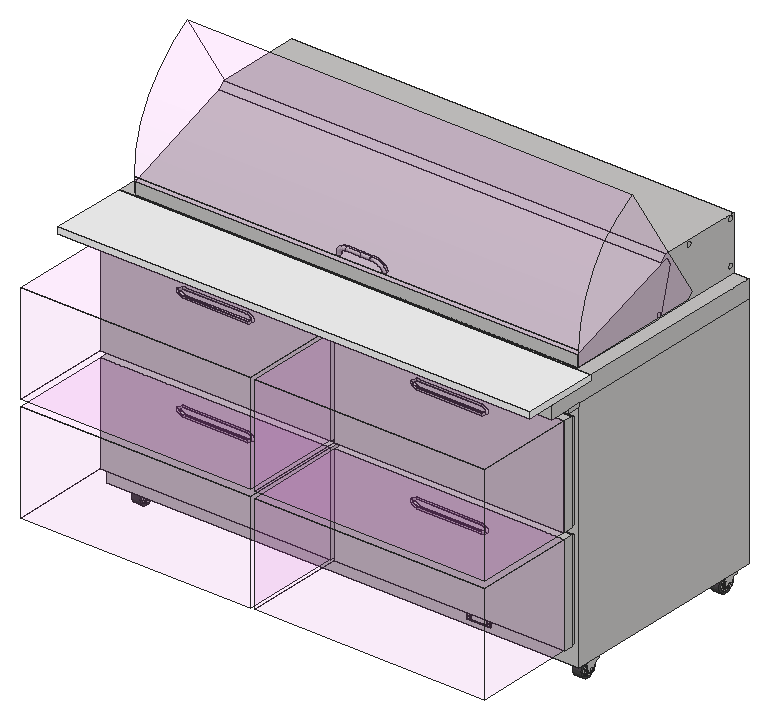
Revit family "QF_Kelvinator_738288_KCHMT60.24.4D", category Specialty Equipment, Revit 2021
Family settings
  Round Connector Dimension = Use Diameter
  Part Type = Normal
  Work Plane-Based = No
  Always vertical = Yes
  Cut with Voids When Loaded = No
  Shared = No
  Room Calculation Point = No
Parameters
  Weight in Pounds = 385.809
  Weight = 175.00 lbm
  Watts = 0 W
  Volts = 115 V
  URL Manufacturer = "KELVINATOR"
  URL Cutsheet = ""
  URL = "KELVINATOR"
  Specification by User = ""
  Specification by Manufacturer = ""
  Serial Number = ""
  Seismic Rating = ""
  SMACNA No = ""
  Revision Code = ""
  Refrigerant Type [instance] = "R290"
  Phase = 1
  Number of Poles = 1
  NAFEM Spec ID Number = ""
  Model = "KCHMT60.24.4D"
  Min Ckt Ampacity = 0 A
  Max Overcurrent Protection = 0 A
  Masterspec = ""
  Manufacturer = "Kelvinator"
  Length Actual = 1555"
  Length = 61 1/4"
  Item Number = "738288"
  Installed By = ""
  Identify Quantity as Lot = yes
  Height Actual = 1100"
  Height = 43 5/16"
  HP = "1 HP"
  Gas KW = 0
  Furnished By = ""
  Foodservice Equipment Identifier = yes
  FL Amps = 4.3 A
  Electrical Remarks = ""
  Electric Connection Type = ""
  Elec Conn RI Height = 0"
  Elec Conn Connection Height = 0"
  Description = "4-DRAWER MEGA TOP PREP TABLE 61\" LONG 24-1/6 PAN"
  Depth Actual = 900"
  Depth = 35 7/16"
  Default Elevation = 0"
  Cycle = 60 Hz
  Conn Plug = "5-15P"
  Conn Conduit = yes
  CSI MasterFormat = ""
  Apparent Power = 0 VA
  Accessory = no
Reference planes (in)
  plane 1 "BACK": y = 0
  plane 2: z = 0
  plane 3 "LEFT": x = 0
  plane 4 "RIGHT": x = 61.25
  plane 5 "FRONT": y = -35.4375
  plane 6 "TOP": z = 43.3125
  plane 7 "Center Y": x = 30.625
  plane 8 "Center X": y = -17.71875
Dimensions and locks (in)
  equal spacing: plane 3 "LEFT", plane 7 "Center Y", plane 4 "RIGHT"
  "Length": plane 3 "LEFT" to plane 4 "RIGHT"
  equal spacing: plane 5 "FRONT", plane 8 "Center X", plane 1 "BACK"
  "Depth": plane 5 "FRONT" to plane 1 "BACK"
  "Height": plane 6 "TOP" to level
  aligned and locked: level to plane 2
Nested families (in)
  nested 1: "KCHST" at (0, 0, 0), type "KCHST"
    with Show Clearance yes
Connectors (in)
  electrical at (30.625, -0.87772, 2.31881), driven by "Volts", driven by "Watts"
    settings: on nested 1, index 1, voltage 115 V, apparent load 0 VA, apparent load phase1 0 VA, apparent load phase2 0 VA, apparent load phase3 0 VA, power factor 1, load classification "Power", number of poles 1, system type 30, power factor state 1, is connector primary yes, connector utility no, sub classification motor no, connector description "Electrical Connection"
Definition of nested family "KCHST"
  Parameters (values of type "KCHST")
    Weight in Pounds = 0
    URL Cutsheet = ""
    Specification by User = ""
    Specification by Manufacturer = ""
    Show Clearance [instance] = yes
    Serial Number = ""
    Seismic Rating = ""
    SMACNA No = ""
    Revision Code = ""
    NAFEM Spec ID Number = ""
    Masterspec = ""
    Length = 61 1/4"
    Item Number = ""
    Installed By = ""
    Identify Quantity as Lot = yes
    Height = 43 5/16"
    Furnished By = ""
    Foodservice Equipment Identifier = yes
    Depth = 35 7/16"
    Default Elevation = 0"
    CSI MasterFormat = ""
  Reference planes (in)
    plane 1 "BACK": y = 0
    plane 2: z = 0
    plane 3 "LEFT": x = 0
    plane 4 "RIGHT": x = 61.25
    plane 5 "FRONT": y = -35.4375
    plane 6 "TOP": z = 43.3125
    plane 7 "Center Y": x = 30.625
    plane 8 "Center X": y = -17.71875
    plane 9: z = 3.1
    plane 10: z = 33.9
    plane 11: y = -25.5
    plane 12: z = 36.307
    plane 13: y = -56
    plane 14: y = -29.2
    plane 15: z = 32.4
    plane 16: z = 5.6
    plane 17: y = -27.5
    plane 18: x = 59.25
    plane 19: x = 2
    plane 20: x = 15.42351
    plane 21: x = 45.82976
    plane 22: x = 59.375
    plane 23: x = 1.875
    plane 24: x = 1.945
    plane 25: x = 59.305
    plane 26: x = 0.5
    plane 27: x = 60.75
    plane 28: y = -31.9
    plane 29: z = 19.4
    plane 30: z = 18.6
    plane 31: z = 19.6
    plane 32: z = 5.8
    plane 33: x = 59.47
    plane 34: x = 1.75
  Forms (in)
    Extrusion 1, solid
      sketch origin (0, 0, 0) x (0, 1, 0) y (0, 0, 1)
        loop
          line (-27.5, 33.9) -> (-27.5, 3.1) -> (0, 3.1) -> (0, 33.9) -> (-27.5, 33.9)
      from 0 to 61.25
    Extrusion 2, solid
      sketch origin (0, 0, 0) x (0, 1, 0) y (0, 0, 1)
        loop
          line (-25.5, 36.307) -> (-25.5, 35.557) -> (-31.9, 35.557) -> (-31.9, 33.9) -> (0, 33.9) -> (0, 36.307) -> (-25.5, 36.307)
      from 0 to 61.25
    Extrusion 3, solid
      sketch origin (0, 0, 0) x (0, 1, 0) y (0, 0, 1)
        loop
          line (-35.4375, 36.307) -> (-35.4375, 35.557) -> (-25.5, 35.557) -> (-25.5, 36.307) -> (-35.4375, 36.307)
      from 0 to 61.25
    Extrusion 4, solid
      sketch origin (0, 0, 0) x (0, 1, 0) y (0, 0, 1)
        loop
          line (-25.25, 36.307) -> (-12.4066, 36.3073)
          arc (-12.4066, 36.3073) -> (-12.06626, 36.40719) -> (-11.82232, 36.66468) r 0.68096
          line (-11.82232, 36.66468) -> (-10.42285, 41.90557) -> (-10.85536, 42.719) -> (-25.25, 37.807) -> (-25.25, 36.307)
      from 1.875 to 59.375
    Extrusion 5, solid
      sketch origin (0, 0, 0) x (0, 1, 0) y (0, 0, 1)
        loop
          line (-12.40659, 36.307) -> (0, 36.307) -> (0, 43.3125) -> (-11, 43.3125) -> (-11.58343, 42.47927) -> (-10.85536, 42.719) -> (-10.42285, 41.90557) -> (-11.82232, 36.66468)
          arc (-11.82232, 36.66468) -> (-12.06626, 36.40719) -> (-12.40659, 36.307) r 0.68096
      from 1.945 to 59.305
    Extrusion 6, solid
      sketch origin (59.375, 4.25225, 0) x (0, 1, 0) y (0, 0, 1)
        loop
          circle (-16.51178, 36.83247) r 0.25
      from 0 to 0.07437
    Extrusion 7, solid
      sketch origin (59.305, -0.03482, 0) x (0, 1, 0) y (0, 0, 1)
        loop
          circle (-0.51178, 37.33247) r 0.25
      from 0 to 0.07
    Extrusion 8, solid
      sketch origin (59.305, -0.03482, 0) x (0, 1, 0) y (0, 0, 1)
        loop
          circle (-0.51178, 42.85047) r 0.25
      from 0 to 0.07
    Extrusion 9, solid
      sketch origin (59.305, -0.03482, 0) x (0, 1, 0) y (0, 0, 1)
        loop
          circle (-7.26178, 42.85047) r 0.25
      from 0 to 0.07
    Extrusion 10, solid
      sketch origin (1.945, 0, 0) x (0, -1, 0) y (0, 0, 1)
        loop
          circle (0.5466, 37.33247) r 0.25
      from 0 to 0.07
    Extrusion 11, solid
      sketch origin (1.945, 0, 0) x (0, -1, 0) y (0, 0, 1)
        loop
          circle (0.5466, 42.85047) r 0.25
      from 0 to 0.07
    Extrusion 12, solid
      sketch origin (1.945, 0, 0) x (0, -1, 0) y (0, 0, 1)
        loop
          circle (7.2966, 42.85047) r 0.25
      from 0 to 0.07
    Sweep 13, solid
      path origin (0, 3.95717, 8.33321) x (1, 0, 0) y (0, -0.312748, 0.949836)
        loop
          line (28.3125, 36.85625) -> (28.3125, 37.0125)
          arc (28.3125, 37.0125) -> (28.53217, 37.54283) -> (29.0625, 37.7625) r 0.75
          line (29.0625, 37.7625) -> (30.9375, 37.7625) -> (32.1875, 37.7625)
          arc (32.1875, 37.7625) -> (32.71783, 37.54283) -> (32.9375, 37.0125) r 0.75
          line (32.9375, 37.0125) -> (32.9375, 36.85625)
      profile origin (31.5625, -7.85298, 44.2014) x (0, -0.312748, 0.949836) y (0, -0.949836, -0.312748)
        loop
          circle (0.69146, 17.59878) r 0.25
    Extrusion 14, solid
      sketch origin (0, 0, 0) x (0, 1, 0) y (0, 0, 1)
        loop
          line (-29.2, 33.9) -> (-29.2, 33.4) -> (-27.5, 33.4) -> (-27.5, 33.9) -> (-29.2, 33.9)
      from 0 to 61.25
    Extrusion 15, solid
      sketch origin (30.625, 6.90541, 48) x (0, 1, 0) y (0, 0, 1)
        loop
          line (-36.10541, -15.6) -> (-36.10541, -28.6) -> (-34.95211, -28.6) -> (-34.95211, -15.6) -> (-36.10541, -15.6)
      from -0.25 to -30.125
    Extrusion 16, solid
      sketch origin (0, 0, 0) x (0, 1, 0) y (0, 0, 1)
        loop
          line (-28.04671, 32.20449) -> (-28.04671, 19.6) -> (-27.79671, 19.6) -> (-27.79671, 32.20449) -> (-28.04671, 32.20449)
      from 0.74536 to 30.10166
    Extrusion 17, solid
      sketch origin (0, 0.25, 0) x (0, 1, 0) y (0, 0, 1)
        loop
          line (-28.04671, 32.20449) -> (-28.04671, 19.6) -> (-27.864, 19.6) -> (-27.864, 32.20449) -> (-28.04671, 32.20449)
      from 0.74536 to 30.10166
    Extrusion 18, solid
      sketch origin (0, 0.4327, 0) x (0, 1, 0) y (0, 0, 1)
        loop
          line (-28.04671, 32.20449) -> (-28.04671, 19.6) -> (-27.9327, 19.6) -> (-27.9327, 32.20449) -> (-28.04671, 32.20449)
      from 0.74536 to 30.10166
    Extrusion 19, solid
      sketch origin (-5.72957, -27.5, -4.77927) x (-1, 0, 0) y (0, 0, 1)
        loop
          line (-52.44258, 9.70772) -> (-55.59219, 9.70772) -> (-55.59219, 8.52662) -> (-52.44258, 8.52662) -> (-52.44258, 9.70772)
        loop
          line (-52.52132, 9.63107) -> (-52.91503, 9.63107) -> (-52.91503, 9.31193) -> (-52.52132, 9.31193) -> (-52.52132, 9.63107)
        loop
          line (-52.52132, 9.27674) -> (-52.91503, 9.27674) -> (-52.91503, 8.9576) -> (-52.52132, 8.9576) -> (-52.52132, 9.27674)
        loop
          line (-52.52132, 8.92241) -> (-52.91503, 8.92241) -> (-52.91503, 8.60327) -> (-52.52132, 8.60327) -> (-52.52132, 8.92241)
        loop
          line (-55.51345, 9.63107) -> (-55.51345, 9.31193) -> (-55.11975, 9.31193) -> (-55.11975, 9.63107) -> (-55.51345, 9.63107)
        loop
          line (-55.51345, 9.27674) -> (-55.51345, 8.9576) -> (-55.11975, 8.9576) -> (-55.11975, 9.27674) -> (-55.51345, 9.27674)
        loop
          line (-55.51345, 8.92241) -> (-55.51345, 8.60327) -> (-55.11975, 8.60327) -> (-55.11975, 8.92241) -> (-55.51345, 8.92241)
        loop
          line (-52.99251, 9.63107) -> (-55.04227, 9.63107) -> (-55.04227, 8.60716) -> (-52.99251, 8.60716) -> (-52.99251, 9.63107)
      from 0.07874 to -0.04602
    Extrusion 20, solid
      sketch origin (-5.72957, -27.54602, -4.77927) x (1, 0, 0) y (0, 0, 1)
        loop
          line (55.11975, 9.63107) -> (55.11975, 9.31193) -> (55.51345, 9.31193) -> (55.51345, 9.63107) -> (55.11975, 9.63107)
        loop
          line (55.11975, 9.27674) -> (55.11975, 8.9576) -> (55.51345, 8.9576) -> (55.51345, 9.27674) -> (55.11975, 9.27674)
        loop
          line (55.11975, 8.92241) -> (55.11975, 8.60327) -> (55.51345, 8.60327) -> (55.51345, 8.92241) -> (55.11975, 8.92241)
        loop
          line (52.91503, 9.63107) -> (52.52132, 9.63107) -> (52.52132, 9.31193) -> (52.91503, 9.31193) -> (52.91503, 9.63107)
        loop
          line (52.91503, 9.27674) -> (52.52132, 9.27674) -> (52.52132, 8.9576) -> (52.91503, 8.9576) -> (52.91503, 9.27674)
        loop
          line (52.91503, 8.92241) -> (52.52132, 8.92241) -> (52.52132, 8.60327) -> (52.91503, 8.60327) -> (52.91503, 8.92241)
      from 0 to -0.07874
    Extrusion 21, solid
      sketch origin (-5.72957, -27.54602, -4.77927) x (1, 0, 0) y (0, 0, 1)
        loop
          line (52.99251, 9.63107) -> (52.99251, 8.60716) -> (55.04227, 8.60716) -> (55.04227, 9.63107) -> (52.99251, 9.63107)
      from 0 to -0.07874
    Extrusion 22, void
      sketch origin (-5.72957, -27.5, -4.77927) x (-1, 0, 0) y (0, 0, 1)
        loop
          line (-52.44258, 9.70772) -> (-55.59219, 9.70772) -> (-55.59219, 8.52662) -> (-52.44258, 8.52662) -> (-52.44258, 9.70772)
      from 0 to 0.07874
    Extrusion 23, void
      sketch origin (-37.40318, -29.19996, 32.3306) x (0, 0, 1) y (1, 0, 0)
        loop
          line (-1.94791, 48.65169) -> (-1.94791, 57.00169) -> (-2.28604, 57.54269)
          arc (-2.28604, 57.54269) -> (-2.38541, 57.59777) -> (-2.48479, 57.54269) r 0.11719
          line (-2.48479, 57.54269) -> (-2.82291, 57.00169) -> (-2.82291, 48.65169) -> (-2.48621, 48.11297)
          arc (-2.48621, 48.11297) -> (-2.38541, 48.0571) -> (-2.28462, 48.11297) r 0.11887
          line (-2.28462, 48.11297) -> (-1.94791, 48.65169)
      from 0 to 0.31887
    Sweep 24, solid
      path origin (-37.40318, -26.39996, 32.3306) x (0, 0, -1) y (1, 0, 0)
        loop
          line (2.82291, 57.00169) -> (2.48479, 57.54269)
          arc (2.48479, 57.54269) -> (2.38541, 57.59777) -> (2.28604, 57.54269) r 0.11719
          line (2.28604, 57.54269) -> (1.94791, 57.00169) -> (1.94791, 48.65169) -> (2.28462, 48.11297)
          arc (2.28462, 48.11297) -> (2.38541, 48.0571) -> (2.48621, 48.11297) r 0.11887
          line (2.48621, 48.11297) -> (2.82291, 48.65169) -> (2.82291, 57.00169)
      profile origin (15.42351, -26.39996, 29.50769) x (0, 0, -1) y (0, -1, 0)
        loop
          line (0, 2.8) -> (0.25, 2.8)
          arc (0.25, 2.8) -> (0.125, 2.85269) -> (0, 2.8) r 0.17461
    Extrusion 25, solid
      sketch origin (-16.15625, -3.56521, 3.1) x (-1, 0, 0) y (0, 1, 0)
        loop
          circle (-46.78125, 2.68749) r 0.25
      from 0 to 0.78119
    Extrusion 26, solid
      sketch origin (30.625, 6.90541, 48) x (0, 1, 0) y (0, 0, -1)
        loop
          line (-36.10541, 15.6) -> (-34.95211, 15.6) -> (-34.95211, 28.6) -> (-36.10541, 28.6) -> (-36.10541, 15.6)
      from -0.25 to -30.095
    Extrusion 27, solid
      sketch origin (48.25, 0, 0) x (0, 1, 0) y (0, 0, -1)
        loop
          line (-28.04671, -32.20449) -> (-27.79671, -32.20449) -> (-27.79671, -19.6) -> (-28.04671, -19.6) -> (-28.04671, -32.20449)
      from -12.26316 to 17.10364
    Extrusion 28, solid
      sketch origin (48.25, 0.25, 0) x (0, 1, 0) y (0, 0, -1)
        loop
          line (-28.04671, -32.20449) -> (-27.864, -32.20449) -> (-27.864, -19.6) -> (-28.04671, -19.6) -> (-28.04671, -32.20449)
      from -12.5 to 17.10364
    Extrusion 29, solid
      sketch origin (48.25, 0.4327, 0) x (0, 1, 0) y (0, 0, -1)
        loop
          line (-28.04671, -32.20449) -> (-27.9327, -32.20449) -> (-27.9327, -19.6) -> (-28.04671, -19.6) -> (-28.04671, -32.20449)
      from -12.26316 to 17.10364
    Extrusion 30, void
      sketch origin (85.65318, -29.19996, 32.3306) x (0, 0, 1) y (1, 0, 0)
        loop
          line (-1.94791, -35.64842) -> (-2.28462, -35.1097)
          arc (-2.28462, -35.1097) -> (-2.38541, -35.05383) -> (-2.48621, -35.1097) r 0.11887
          line (-2.48621, -35.1097) -> (-2.82291, -35.64842) -> (-2.82291, -43.99842) -> (-2.48479, -44.53942)
          arc (-2.48479, -44.53942) -> (-2.38541, -44.5945) -> (-2.28604, -44.53942) r 0.11719
          line (-2.28604, -44.53942) -> (-1.94791, -43.99842) -> (-1.94791, -35.64842)
      from 0 to 0.31887
    Sweep 31, solid
      path origin (85.65318, -26.39996, 32.3306) x (0, 0, -1) y (1, 0, 0)
        loop
          line (2.82291, -43.99842) -> (2.82291, -35.64842) -> (2.48621, -35.1097)
          arc (2.48621, -35.1097) -> (2.38541, -35.05383) -> (2.28462, -35.1097) r 0.11887
          line (2.28462, -35.1097) -> (1.94791, -35.64842) -> (1.94791, -43.99842) -> (2.28604, -44.53942)
          arc (2.28604, -44.53942) -> (2.38541, -44.5945) -> (2.48479, -44.53942) r 0.11719
          line (2.48479, -44.53942) -> (2.82291, -43.99842)
      profile origin (45.82976, -26.39996, 29.50769) x (0, 0, 1) y (0, -1, 0)
        loop
          arc (0, 2.8) -> (-0.125, 2.85269) -> (-0.25, 2.8) r 0.17461
          line (-0.25, 2.8) -> (0, 2.8)
    Extrusion 32, solid
      sketch origin (1.875, 0, 0) x (0, 1, 0) y (0, 0, -1)
        loop
          circle (-12.26178, -36.83247) r 0.25
      from 0 to 0.07437
    Extrusion 33, solid
      sketch origin (30.625, 6.90541, 34.2) x (0, 1, 0) y (0, 0, 1)
        loop
          line (-36.10541, -15.6) -> (-36.10541, -28.6) -> (-34.95211, -28.6) -> (-34.95211, -15.6) -> (-36.10541, -15.6)
      from -0.25 to -30.125
    Extrusion 34, solid
      sketch origin (0, 0, -13.8) x (0, 1, 0) y (0, 0, 1)
        loop
          line (-28.04671, 32.20449) -> (-28.04671, 19.6) -> (-27.79671, 19.6) -> (-27.79671, 32.20449) -> (-28.04671, 32.20449)
      from 0.74536 to 30.10166
    Extrusion 35, solid
      sketch origin (0, 0.25, -13.8) x (0, 1, 0) y (0, 0, 1)
        loop
          line (-28.04671, 32.20449) -> (-28.04671, 19.6) -> (-27.864, 19.6) -> (-27.864, 32.20449) -> (-28.04671, 32.20449)
      from 0.74536 to 30.10166
    Extrusion 36, solid
      sketch origin (0, 0.4327, -13.8) x (0, 1, 0) y (0, 0, 1)
        loop
          line (-28.04671, 32.20449) -> (-28.04671, 19.6) -> (-27.9327, 19.6) -> (-27.9327, 32.20449) -> (-28.04671, 32.20449)
      from 0.74536 to 30.10166
    Extrusion 37, void
      sketch origin (-37.40318, -29.19996, 18.5306) x (0, 0, 1) y (1, 0, 0)
        loop
          line (-1.94791, 48.65169) -> (-1.94791, 57.00169) -> (-2.28604, 57.54269)
          arc (-2.28604, 57.54269) -> (-2.38541, 57.59777) -> (-2.48479, 57.54269) r 0.11719
          line (-2.48479, 57.54269) -> (-2.82291, 57.00169) -> (-2.82291, 48.65169) -> (-2.48621, 48.11297)
          arc (-2.48621, 48.11297) -> (-2.38541, 48.0571) -> (-2.28462, 48.11297) r 0.11887
          line (-2.28462, 48.11297) -> (-1.94791, 48.65169)
      from 0 to 0.31887
    Sweep 38, solid
      path origin (-37.40318, -26.39996, 18.5306) x (0, 0, -1) y (1, 0, 0)
        loop
          line (2.82291, 57.00169) -> (2.48479, 57.54269)
          arc (2.48479, 57.54269) -> (2.38541, 57.59777) -> (2.28604, 57.54269) r 0.11719
          line (2.28604, 57.54269) -> (1.94791, 57.00169) -> (1.94791, 48.65169) -> (2.28462, 48.11297)
          arc (2.28462, 48.11297) -> (2.38541, 48.0571) -> (2.48621, 48.11297) r 0.11887
          line (2.48621, 48.11297) -> (2.82291, 48.65169) -> (2.82291, 57.00169)
      profile origin (15.42351, -26.39996, 15.70769) x (0, 0, -1) y (0, -1, 0)
        loop
          line (0, 2.8) -> (0.25, 2.8)
          arc (0.25, 2.8) -> (0.125, 2.85269) -> (0, 2.8) r 0.17461
    Extrusion 39, solid
      sketch origin (30.625, 6.90541, 34.2) x (0, 1, 0) y (0, 0, -1)
        loop
          line (-36.10541, 15.6) -> (-34.95211, 15.6) -> (-34.95211, 28.6) -> (-36.10541, 28.6) -> (-36.10541, 15.6)
      from -0.25 to -30.125
    Extrusion 40, solid
      sketch origin (48.25, 0, -13.8) x (0, 1, 0) y (0, 0, -1)
        loop
          line (-28.04671, -32.20449) -> (-27.79671, -32.20449) -> (-27.79671, -19.6) -> (-28.04671, -19.6) -> (-28.04671, -32.20449)
      from -12.26316 to 17.10364
    Extrusion 41, solid
      sketch origin (48.25, 0.25, -13.8) x (0, 1, 0) y (0, 0, -1)
        loop
          line (-28.04671, -32.20449) -> (-27.864, -32.20449) -> (-27.864, -19.6) -> (-28.04671, -19.6) -> (-28.04671, -32.20449)
      from -12.5 to 17.10364
    Extrusion 42, solid
      sketch origin (48.25, 0.4327, -13.8) x (0, 1, 0) y (0, 0, -1)
        loop
          line (-28.04671, -32.20449) -> (-27.9327, -32.20449) -> (-27.9327, -19.6) -> (-28.04671, -19.6) -> (-28.04671, -32.20449)
      from -12.26316 to 17.10364
    Extrusion 43, void
      sketch origin (85.65318, -29.19996, 18.5306) x (0, 0, 1) y (1, 0, 0)
        loop
          line (-1.94791, -35.64842) -> (-2.28462, -35.1097)
          arc (-2.28462, -35.1097) -> (-2.38541, -35.05383) -> (-2.48621, -35.1097) r 0.11887
          line (-2.48621, -35.1097) -> (-2.82291, -35.64842) -> (-2.82291, -43.99842) -> (-2.48479, -44.53942)
          arc (-2.48479, -44.53942) -> (-2.38541, -44.5945) -> (-2.28604, -44.53942) r 0.11719
          line (-2.28604, -44.53942) -> (-1.94791, -43.99842) -> (-1.94791, -35.64842)
      from 0 to 0.31887
    Sweep 44, solid
      path origin (85.65318, -26.39996, 18.5306) x (0, 0, -1) y (1, 0, 0)
        loop
          line (2.82291, -43.99842) -> (2.82291, -35.64842) -> (2.48621, -35.1097)
          arc (2.48621, -35.1097) -> (2.38541, -35.05383) -> (2.28462, -35.1097) r 0.11887
          line (2.28462, -35.1097) -> (1.94791, -35.64842) -> (1.94791, -43.99842) -> (2.28604, -44.53942)
          arc (2.28604, -44.53942) -> (2.38541, -44.5945) -> (2.48479, -44.53942) r 0.11719
          line (2.48479, -44.53942) -> (2.82291, -43.99842)
      profile origin (45.82976, -26.39996, 15.70769) x (0, 0, 1) y (0, -1, 0)
        loop
          arc (0, 2.8) -> (-0.125, 2.85269) -> (-0.25, 2.8) r 0.17461
          line (-0.25, 2.8) -> (0, 2.8)
    Extrusion 45, solid, visible <- "Show Clearance"
      sketch origin (0.5, 6.90541, 48) x (0, -1, 0) y (0, 0, 1)
        loop
          line (36.10541, -15.6) -> (36.10541, -28.6) -> (49.10541, -28.6) -> (49.10541, -15.6) -> (36.10541, -15.6)
        loop
          line (36.10541, -29.4) -> (36.10541, -42.4) -> (49.10541, -42.4) -> (49.10541, -29.4) -> (36.10541, -29.4)
      from 0 to -29.875
    Extrusion 46, solid, visible <- "Show Clearance"
      sketch origin (30.90625, 6.90541, 48) x (0, -1, 0) y (0, 0, 1)
        loop
          line (36.10541, -15.6) -> (36.10541, -28.6) -> (49.10991, -28.6) -> (49.10991, -15.6) -> (36.10541, -15.6)
        loop
          line (36.10541, -29.4) -> (36.10541, -42.4) -> (49.10991, -42.4) -> (49.10991, -29.4) -> (36.10541, -29.4)
      from 0 to -29.875
    Extrusion 47, solid, visible <- "Show Clearance"
      sketch origin (1.875, 0, 0) x (0, -1, 0) y (0, 0, 1)
        loop
          line (7.46898, 36.4265) -> (25.25, 36.4265) -> (25.25, 38.31521)
          arc (25.25, 38.31521) -> (22.89455, 46.7261) -> (16.51337, 52.69032) r 16.19461
          line (16.51337, 52.69032) -> (6.79521, 37.0548) -> (7.46898, 36.4265)
      from 0.125 to -57.595
  Cuts and joins
    Extrusion 22 cuts Extrusion 19
    Extrusion 23, Extrusion 30, Extrusion 37 cuts Extrusion 15
    Extrusion 30, Extrusion 43 cuts Extrusion 26
    joined: Extrusion 4, Sweep 13
    Extrusion 37 cuts Extrusion 33
    Extrusion 43 cuts Extrusion 39
  Lines and regions (in)
    symbolic lines
      curve 1: line (61.25, -35.4375, 0) -> (61.25, 0, 0)
      curve 2: line (61.25, 0, 0) -> (0, 0, 0)
      curve 3: line (0, 0, 0) -> (0, -35.4375, 0)
      curve 4: line (0, -25.5, 0) -> (28.00816, -25.5, 0)
      curve 5: line (0, -35.4375, 0) -> (61.25, -35.4375, 0)
      curve 6: line (0, -25.25, 0) -> (33.4716, -25.25, 0)
      curve 7: line (1.945, -11.58343, 0) -> (59.305, -11.58343, 0)
      curve 8: line (1.945, -11, 0) -> (59.305, -11, 0)
      curve 9: line (59.305, -11.58343, 0) -> (59.305, 0, 0)
      curve 10: line (59.375, -12.01178, 0) -> (59.44937, -12.01178, 0)
      curve 11: line (59.375, -12.51178, 0) -> (59.44937, -12.51178, 0)
      curve 12: line (59.375, -10.42285, 0) -> (59.305, -10.42285, 0)
      curve 13: line (59.375, -10.85536, 0) -> (59.305, -10.85536, 0)
      curve 14: line (59.375, -8.01535, 0) -> (59.305, -8.01535, 0)
      curve 15: line (59.375, -7.51535, 0) -> (59.305, -7.51535, 0)
      curve 16: line (59.375, -0.7966, 0) -> (59.305, -0.7966, 0)
      curve 17: line (59.375, -0.2966, 0) -> (59.305, -0.2966, 0)
      curve 18: spline (27.37104, -24.32355, 0) -> (27.37956, -24.26642, 0) -> (27.40453, -24.21318, 0) -> (27.44426, -24.16746, 0) -> (27.49604, -24.13238, 0) -> (27.55634, -24.11033, 0) -> (27.62104, -24.10281, 0) -> (27.68575, -24.11033, 0) -> (27.74604, -24.13238, 0) -> (27.79782, -24.16746, 0) -> (27.83755, -24.21318, 0) -> (27.86252, -24.26642, 0) -> (27.87104, -24.32355, 0)
      curve 19: spline (33.37896, -24.32355, 0) -> (33.38748, -24.26642, 0) -> (33.41245, -24.21318, 0) -> (33.45218, -24.16746, 0) -> (33.50396, -24.13238, 0) -> (33.56425, -24.11033, 0) -> (33.62896, -24.10281, 0) -> (33.69366, -24.11033, 0) -> (33.75396, -24.13238, 0) -> (33.80574, -24.16746, 0) -> (33.84547, -24.21318, 0) -> (33.87044, -24.26642, 0) -> (33.87896, -24.32355, 0)
      curve 20: line (30.625, -24.58998, 0) -> (32.21572, -24.58998, 0)
      curve 21: line (30.625, -25.09118, 0) -> (32.28272, -25.09118, 0)
      curve 22: line (33.87896, -24.32355, 0) -> (33.87896, -24.35464, 0)
      curve 23: line (33.37896, -24.32355, 0) -> (33.37896, -24.35464, 0)
      curve 24: line (27.37104, -24.32355, 0) -> (27.37104, -24.35464, 0)
      curve 25: line (27.87104, -24.32355, 0) -> (27.87104, -24.35464, 0)
      curve 26: line (33.4716, -25.25, 0) -> (61.25, -25.25, 0)
      curve 27: line (28.00816, -25.5, 0) -> (61.25, -25.5, 0)
      curve 34: line (59.375, -7.51535, 0) -> (59.375, -8.01535, 0)
      curve 35: line (59.375, -10.42285, 0) -> (59.375, -25.25, 0)
      curve 36: line (59.44937, -12.01178, 0) -> (59.44937, -12.51178, 0)
      curve 37: line (59.375, -0.7966, 0) -> (59.375, -0.2966, 0)
      curve 38: line (1.945, -11.58343, 0) -> (1.945, 0, 0)
      curve 39: line (1.875, -12.01178, 0) -> (1.80063, -12.01178, 0)
      curve 40: line (1.875, -12.51178, 0) -> (1.80063, -12.51178, 0)
      curve 41: line (1.875, -10.42285, 0) -> (1.945, -10.42285, 0)
      curve 42: line (1.875, -10.85536, 0) -> (1.945, -10.85536, 0)
      curve 43: line (1.875, -8.01535, 0) -> (1.945, -8.01535, 0)
      curve 44: line (1.875, -7.51535, 0) -> (1.945, -7.51535, 0)
      curve 45: line (1.875, -0.7966, 0) -> (1.945, -0.7966, 0)
      curve 46: line (1.875, -0.2966, 0) -> (1.945, -0.2966, 0)
      curve 47: line (1.875, -7.51535, 0) -> (1.875, -8.01535, 0)
      curve 48: line (1.875, -10.42285, 0) -> (1.875, -25.25, 0)
      curve 49: line (1.80063, -12.01178, 0) -> (1.80063, -12.51178, 0)
      curve 50: line (1.875, -0.7966, 0) -> (1.875, -0.2966, 0)
      curve 51: arc (33.87896, -24.35464, 0) -> (33.86361, -24.47964, 0) -> (33.81848, -24.59722, 0) r 0.5167
      curve 52: arc (33.81848, -24.59722, 0) -> (33.7336, -24.71192, 0) -> (33.61889, -24.7968, 0) r 0.48271
      curve 53: arc (33.61889, -24.7968, 0) -> (33.37129, -24.90964, 0) -> (33.11179, -24.99146, 0) r 2.22854
      curve 54: arc (33.11179, -24.99146, 0) -> (32.68895, -25.06859, 0) -> (32.25974, -25.09118, 0) r 3.36432
      curve 55: arc (33.37896, -24.35464, 0) -> (33.14464, -24.46595, 0) -> (32.89146, -24.5225, 0) r 1.16212
      curve 56: arc (32.89146, -24.5225, 0) -> (32.55527, -24.57307, 0) -> (32.21572, -24.58998, 0) r 3.41713
      curve 57: line (30.625, -24.58998, 0) -> (29.03428, -24.58998, 0)
      curve 58: line (30.625, -25.09118, 0) -> (28.96728, -25.09118, 0)
      curve 59: line (27.87104, -24.32355, 0) -> (27.87104, -24.35464, 0)
      curve 60: arc (27.37104, -24.35464, 0) -> (27.38638, -24.47963, 0) -> (27.43151, -24.59719, 0) r 0.5167
      curve 61: arc (27.43151, -24.59719, 0) -> (27.51639, -24.71191, 0) -> (27.63111, -24.7968, 0) r 0.48271
      curve 62: arc (27.63111, -24.7968, 0) -> (27.87871, -24.90964, 0) -> (28.13821, -24.99146, 0) r 2.22854
      curve 63: arc (28.13821, -24.99146, 0) -> (28.56105, -25.06859, 0) -> (28.99026, -25.09118, 0) r 3.36432
      curve 64: arc (27.87104, -24.35464, 0) -> (28.10536, -24.46595, 0) -> (28.35854, -24.5225, 0) r 1.16212
      curve 65: arc (28.35854, -24.5225, 0) -> (28.69473, -24.57307, 0) -> (29.03428, -24.58998, 0) r 3.41713
    symbolic lines, visible <- "Show Clearance"
      curve 28: line (0.5, -43.1375, 0) -> (30.375, -43.1375, 0)
      curve 29: line (30.375, -43.1375, 0) -> (30.375, -35.4375, 0)
      curve 30: line (0.5, -43.1375, 0) -> (0.5, -35.4375, 0)
      curve 31: line (30.875, -43.1375, 0) -> (60.75, -43.1375, 0)
      curve 32: line (60.75, -43.1375, 0) -> (60.75, -35.4375, 0)
      curve 33: line (30.875, -43.1375, 0) -> (30.875, -35.4375, 0)
  Dimensions and locks (in)
    equal spacing: plane 3 "LEFT", plane 7 "Center Y", plane 4 "RIGHT"
    "Length": plane 3 "LEFT" to plane 4 "RIGHT"
    equal spacing: plane 5 "FRONT", plane 8 "Center X", plane 1 "BACK"
    "Depth": plane 5 "FRONT" to plane 1 "BACK"
    "Height": plane 6 "TOP" to level
    plane 5 "FRONT" to plane 1 "BACK" = 35 7/16"
    plane 11 to plane 1 "BACK" = 25 1/2"
    plane 13 to plane 1 "BACK" = 56"
    locked: plane 4 "RIGHT" to plane 18 at 2
    locked: plane 3 "LEFT" to plane 19 at 2
    plane 23 to plane 22 = 57 1/2"
    locked: plane 4 "RIGHT" to plane 22 at 1.875
    locked: plane 3 "LEFT" to plane 23 at 1.875
    locked: plane 26 to plane 3 "LEFT" at 0.5
    locked: plane 27 to plane 4 "RIGHT" at 0.5
    locked: plane 22 to plane 25 at 0.07
    plane 3 "LEFT" to plane 4 "RIGHT" = 61 1/4"
    plane 28 to plane 1 "BACK" = 31.9"
    plane 12 to plane 6 "TOP" = 7.0055"
    level to plane 12 = 36.307"
    aligned and locked: level to plane 2
    aligned and locked: plane 18 to nested 3
    aligned and locked: plane 18 to nested 1
    aligned and locked: nested 4 to plane 19
    aligned and locked: nested 2 to plane 19
    aligned and locked: Extrusion 1 to plane 4 "RIGHT"
    aligned and locked: Extrusion 2 to plane 4 "RIGHT"
    aligned and locked: Extrusion 14 to plane 4 "RIGHT"
    aligned and locked: Extrusion 3 to plane 4 "RIGHT"
    aligned and locked: cut or joined group of Extrusion 4, Sweep 13 to plane 22
    aligned and locked: plane 23 to cut or joined group of Extrusion 4, Sweep 13
    aligned and locked: plane 24 to Extrusion 5
    aligned and locked: Extrusion 5 to plane 25
  Automatic sketch dimensions
    curve 3 to plane 3 "LEFT" = 0"
    curve 28 to plane 26 = 0"
    curve 42 to plane 23 = 0"
    curve 43 to plane 23 = 0"
    curve 50 to plane 23 = 0"
    curve 45 to plane 24 = 0"
    plane 11 to curve 27 = 0"
    plane 5 "FRONT" to curve 29 = 0"
    curve 20 to plane 7 "Center Y" = 0"
    curve 58 to plane 7 "Center Y" = 0"
    plane 1 "BACK" to curve 9 = 0"
    curve 9 to plane 25 = 0"
    curve 10 to plane 22 = 0"
    curve 34 to plane 22 = 0"
    curve 16 to plane 22 = 0"
    curve 31 to plane 27 = 0"
    curve 26 to plane 4 "RIGHT" = 0"
    plane 23 to curve 40 = 0.07437"
    curve 24 to plane 7 "Center Y" = 3.25396"
    curve 24 to curve 61 = 0.48669"
    curve 61 to curve 25 = 0.01331"
    curve 64 to curve 60 = 0.0167"
    curve 61 to curve 27 = 0.15044"
    curve 18 to curve 64 = 0.61267"
    curve 64 to curve 62 = 0.19364"
    curve 62 to curve 63 = 0.27477"
    curve 60 to curve 57 = 1.14655"
    curve 28 to plane 7 "Center Y" = 1/4"
    plane 7 "Center Y" to curve 33 = 1/4"
    plane 7 "Center Y" to curve 56 = 1.59072"
    curve 56 to curve 54 = 0.08217"
    curve 54 to curve 53 = 0.27477"
    curve 53 to curve 55 = 0.19364"
    curve 55 to curve 51 = 0.59598"
    curve 51 to curve 23 = 0.0167"
    curve 23 to curve 52 = 0.01331"
    curve 6 to plane 11 = 1/4"
    curve 52 to curve 6 = 0.07932"
    curve 52 to curve 22 = 0.48669"
    curve 11 to curve 36 = 0.07437"
    plane 5 "FRONT" to curve 31 = 7.7"
    curve 29 to curve 31 = 0"
    curve 58 to plane 11 = 0.40882"
    curve 63 to curve 57 = 0.5012"
    curve 61 to plane 11 = 1.1294"
    curve 6 to curve 52 = 0.8794"
    curve 61 to curve 25 = 0.01596"
    curve 52 to curve 51 = 0.01596"
    curve 64 to curve 60 = 0"
    curve 51 to curve 23 = 0"
    curve 60 to curve 24 = 0.03109"
    curve 51 to curve 22 = 0.03109"
    curve 18 to curve 64 = 0.95641"
    curve 19 to curve 55 = 0.95641"
    curve 55 to curve 53 = 0.53802"
    curve 64 to curve 62 = 0.53802"
    curve 62 to curve 63 = 1.10204"
    curve 53 to curve 54 = 1.10204"
    curve 63 to curve 65 = 0.55422"
    curve 54 to curve 56 = 0.55422"
    plane 8 "Center X" to curve 11 = 5.20697"
    plane 8 "Center X" to curve 40 = 5.20697"
    curve 40 to curve 39 = 1/2"
    curve 11 to curve 36 = 1/2"
    curve 39 to curve 38 = 0.42835"
    curve 7 to curve 12 = 1.16058"
    curve 7 to curve 41 = 1.16058"
    curve 12 to curve 34 = 2.4075"
    curve 41 to curve 47 = 2.4075"
    curve 14 to curve 34 = 1/2"
    curve 43 to curve 47 = 1/2"
    plane 1 "BACK" to curve 16 = 0.7966"
    plane 1 "BACK" to curve 50 = 0.7966"
    plane 1 "BACK" to curve 37 = 0.2966"
    plane 1 "BACK" to curve 46 = 0.2966"
    curve 61 to curve 60 = 0"
    curve 62 to curve 61 = 0"
    curve 63 to curve 62 = 0"
    curve 58 to curve 63 = 0.02299"
    curve 56 to curve 54 = 0.04402"
    curve 54 to curve 21 = 0.02299"
    curve 53 to curve 54 = 0"
    curve 52 to curve 53 = 0"
    curve 8 to curve 41 = 0.57715"
    curve 8 to curve 13 = 0.14464"
    curve 8 to curve 42 = 0.14464"
    plane 9 to Extrusion 1 sketch curve = 0"
    Extrusion 1 sketch curve to plane 17 = 0"
    Extrusion 1 sketch curve to plane 1 "BACK" = 0"
    Extrusion 1 sketch curve to plane 10 = 0"
    Extrusion 2 sketch curve to plane 10 = 0"
    Extrusion 2 sketch curve to plane 28 = 0"
    Extrusion 2 sketch curve to plane 11 = 0"
    Extrusion 2 sketch curve to plane 1 "BACK" = 0"
    plane 12 to Extrusion 2 sketch curve = 0"
    Extrusion 2 sketch curve to Extrusion 2 sketch curve = 3/4"
    Extrusion 3 sketch curve to plane 5 "FRONT" = 0"
    Extrusion 3 sketch curve to plane 11 = 0"
    plane 12 to Extrusion 3 sketch curve = 0"
    Extrusion 3 sketch curve to Extrusion 3 sketch curve = 3/4"
    plane 12 to Extrusion 4 sketch curve = 0"
    Extrusion 4 sketch curve to plane 11 = 1/4"
    Extrusion 4 sketch curve to plane 12 = 0.6811"
    plane 8 "Center X" to Extrusion 4 sketch curve = 5.29717"
    Extrusion 4 sketch curve to plane 12 = 0.35768"
    Extrusion 4 sketch curve to Extrusion 4 sketch curve = 0.59925"
    Extrusion 4 sketch curve to plane 6 "TOP" = 0.5935"
    Extrusion 4 sketch curve to Extrusion 4 sketch curve = 1.56621"
    Extrusion 4 sketch curve to plane 6 "TOP" = 1.40693"
    Extrusion 4 sketch curve to Extrusion 4 sketch curve = 0.43251"
    Extrusion 4 sketch curve to plane 12 = 1 1/2"
    Extrusion 4 sketch curve to plane 12 = 0.0003"
    Extrusion 4 sketch curve to Extrusion 4 sketch curve = 0"
    plane 12 to Extrusion 5 sketch curve = 0"
    Extrusion 5 sketch curve to plane 6 "TOP" = 0"
    Extrusion 5 sketch curve to plane 1 "BACK" = 0"
    Extrusion 5 sketch curve to plane 6 "TOP" = 1.40693"
    plane 8 "Center X" to Extrusion 5 sketch curve = 7.2959"
    Extrusion 5 sketch curve to plane 6 "TOP" = 0.5935"
    Extrusion 5 sketch curve to Extrusion 5 sketch curve = 0.43251"
    Extrusion 5 sketch curve to Extrusion 5 sketch curve = 0.14464"
    Extrusion 5 sketch curve to plane 6 "TOP" = 0.83323"
    Extrusion 5 sketch curve to Extrusion 5 sketch curve = 0.72807"
    Extrusion 5 sketch curve to plane 12 = 0.35768"
    Extrusion 5 sketch curve to Extrusion 5 sketch curve = 1.39947"
    Extrusion 5 sketch curve to Extrusion 5 sketch curve = 0.59925"
    Extrusion 5 sketch curve to Extrusion 5 sketch curve = 0.32342"
    Extrusion 5 sketch curve to Extrusion 5 sketch curve = 0.01499"
    Extrusion 5 sketch curve to plane 12 = 0.0003"
    Extrusion 6 sketch curve to Extrusion 4 = 0.52547"
    Extrusion 6 sketch curve to Extrusion 4 = 12.99047"
    Extrusion 7 sketch curve to Extrusion 5 = 0.5466"
    Extrusion 7 sketch curve to Extrusion 5 = 1.02547"
    Extrusion 8 sketch curve to Extrusion 5 = 0.5466"
    Extrusion 8 sketch curve to Extrusion 5 = 0.46203"
    Extrusion 9 sketch curve to Extrusion 5 = 0.46203"
    Extrusion 9 sketch curve to Extrusion 5 = 7.2966"
    Extrusion 10 sketch curve to Extrusion 5 = 0.5466"
    Extrusion 10 sketch curve to Extrusion 5 = 1.02547"
    Extrusion 11 sketch curve to Extrusion 5 = 0.5466"
    Extrusion 11 sketch curve to Extrusion 5 = 0.46203"
    Extrusion 12 sketch curve to Extrusion 5 = 0.46203"
    Extrusion 12 sketch curve to Extrusion 5 = 7.2966"
    Sweep 13 sketch curve to plane 7 "Center Y" = 2 5/16"
    Sweep 13 sketch curve to Sweep 13 sketch curve = 3/4"  (x2)
    plane 7 "Center Y" to Sweep 13 sketch curve = 5/16"
    Sweep 13 sketch curve to Sweep 13 sketch curve = 1 1/4"
    Sweep 13 sketch curve to Sweep 13 sketch curve = 5/32"  (x2)
    Sweep 13 sketch curve to profile plane = 0.69146"
    profile plane to Sweep 13 sketch curve = 17.59878"
    Extrusion 14 sketch curve to plane 10 = 0"
    Extrusion 14 sketch curve to plane 14 = 0"
    Extrusion 14 sketch curve to plane 17 = 0"
    Extrusion 14 sketch curve to Extrusion 14 sketch curve = 1/2"
    Extrusion 15 sketch curve to plane 14 = 0"
    plane 29 to Extrusion 15 sketch curve = 0"
    plane 15 to Extrusion 15 sketch curve = 0"
    Extrusion 15 sketch curve to plane 17 = 0.54671"
    Extrusion 16 sketch curve to plane 31 = 0"
    Extrusion 16 sketch curve to plane 17 = 0.54671"
    Extrusion 16 sketch curve to Extrusion 16 sketch curve = 1/4"
    plane 15 to Extrusion 16 sketch curve = 0.19551"
    Extrusion 17 sketch curve to plane 31 = 0"
    Extrusion 17 sketch curve to plane 17 = 0.29671"
    Extrusion 17 sketch curve to plane 17 = 0.114"
    plane 15 to Extrusion 17 sketch curve = 0.19551"
    Extrusion 18 sketch curve to plane 31 = 0"
    Extrusion 18 sketch curve to plane 17 = 0"
    Extrusion 18 sketch curve to Extrusion 18 sketch curve = 0.114"
    plane 15 to Extrusion 18 sketch curve = 0.19551"
    plane 16 to Extrusion 19 sketch curve = 0.67154"
    Extrusion 19 sketch curve to plane 21 = 4.03286"
    Extrusion 19 sketch curve to Extrusion 19 sketch curve = 0.07874"  (x3)
    Extrusion 19 sketch curve to Extrusion 19 sketch curve = 0"  (x8)
    Extrusion 19 sketch curve to Extrusion 19 sketch curve = 0.3937"  (x2)
    Extrusion 19 sketch curve to Extrusion 19 sketch curve = 0.07748"  (x3)
    Extrusion 19 sketch curve to plane 21 = 1.43318"
    Extrusion 19 sketch curve to Extrusion 19 sketch curve = 0.07665"  (x2)
    Extrusion 19 sketch curve to Extrusion 19 sketch curve = 0.31914"  (x6)
    Extrusion 19 sketch curve to Extrusion 19 sketch curve = 0.03519"  (x4)
    Extrusion 19 sketch curve to Extrusion 19 sketch curve = 0.31525"
    Extrusion 19 to Extrusion 20 sketch curve = 0"  (x10)
    Extrusion 20 sketch curve to Extrusion 19 = 0"  (x14)
    Extrusion 21 sketch curve to Extrusion 19 = 0"  (x3)
    Extrusion 19 to Extrusion 21 sketch curve = 0"
    plane 16 to Extrusion 22 sketch curve = 0.67154"
    Extrusion 22 sketch curve to plane 21 = 4.03286"
    Extrusion 22 sketch curve to plane 21 = 0.88326"
    Extrusion 22 sketch curve to plane 9 = 0.64735"
    plane 15 to Extrusion 23 sketch curve = 2.89231"
    Extrusion 23 sketch curve to Extrusion 23 sketch curve = 0.3367"
    Extrusion 23 sketch curve to Extrusion 23 sketch curve = 0.33813"  (x2)
    Extrusion 23 sketch curve to Extrusion 23 sketch curve = 0.09937"  (x2)
    Extrusion 23 sketch curve to Extrusion 23 sketch curve = 0.1008"  (x2)
    Extrusion 23 sketch curve to plane 20 = 4.71372"
    Extrusion 23 sketch curve to Extrusion 23 sketch curve = 0.063"
    Extrusion 23 sketch curve to Extrusion 23 sketch curve = 0.53872"  (x2)
    plane 20 to Extrusion 23 sketch curve = 4.175"
    Extrusion 23 sketch curve to Extrusion 23 sketch curve = 0"
    Extrusion 23 sketch curve to Extrusion 23 sketch curve = 0.47889"
    Extrusion 23 sketch curve to Extrusion 23 sketch curve = 0.06211"
    plane 15 to Sweep 24 sketch curve = 2.01731"
    Sweep 24 sketch curve to Sweep 24 sketch curve = 0.3367"
    Sweep 24 sketch curve to Sweep 24 sketch curve = 0.33813"  (x2)
    Sweep 24 sketch curve to Sweep 24 sketch curve = 0.09937"  (x2)
    Sweep 24 sketch curve to Sweep 24 sketch curve = 0.1008"  (x2)
    Sweep 24 sketch curve to plane 20 = 4.71372"
    Sweep 24 sketch curve to Sweep 24 sketch curve = 0.063"
    Sweep 24 sketch curve to Sweep 24 sketch curve = 0.53872"  (x2)
    plane 20 to Sweep 24 sketch curve = 4.175"
    Sweep 24 sketch curve to Sweep 24 sketch curve = 0"
    Sweep 24 sketch curve to Sweep 24 sketch curve = 0.47889"
    Sweep 24 sketch curve to Sweep 24 sketch curve = 0.06211"
    Sweep 24 sketch curve to profile plane = 0"
    Sweep 24 sketch curve to profile plane = 1/8"
    profile plane to Sweep 24 sketch curve = 2.67809"
    Sweep 24 sketch curve to Sweep 24 sketch curve = 0.12191"
    Extrusion 1 to Extrusion 25 sketch curve = 0.87772"
    Extrusion 25 sketch curve to Extrusion 1 = 30 5/8"
    Extrusion 26 sketch curve to plane 14 = 0"
    plane 29 to Extrusion 26 sketch curve = 0"
    plane 15 to Extrusion 26 sketch curve = 0"
    Extrusion 26 sketch curve to plane 17 = 0.54671"
    plane 31 to Extrusion 27 sketch curve = 0"
    Extrusion 27 sketch curve to plane 17 = 0.54671"
    Extrusion 27 sketch curve to Extrusion 27 sketch curve = 1/4"
    plane 15 to Extrusion 27 sketch curve = 0.19551"
    Extrusion 28 sketch curve to plane 31 = 0"
    Extrusion 28 sketch curve to plane 17 = 0.29671"
    Extrusion 28 sketch curve to plane 17 = 0.114"
    plane 15 to Extrusion 28 sketch curve = 0.19551"
    Extrusion 29 sketch curve to plane 31 = 0"
    Extrusion 29 sketch curve to plane 17 = 0"
    Extrusion 29 sketch curve to Extrusion 29 sketch curve = 0.114"
    plane 15 to Extrusion 29 sketch curve = 0.19551"
    plane 15 to Extrusion 30 sketch curve = 2.89231"
    Extrusion 30 sketch curve to Extrusion 30 sketch curve = 0.3367"
    Extrusion 30 sketch curve to Extrusion 30 sketch curve = 0.33813"  (x2)
    Extrusion 30 sketch curve to Extrusion 30 sketch curve = 0.09937"  (x2)
    Extrusion 30 sketch curve to Extrusion 30 sketch curve = 0.1008"  (x2)
    plane 21 to Extrusion 30 sketch curve = 4.716"
    Extrusion 30 sketch curve to Extrusion 30 sketch curve = 0.06211"
    Extrusion 30 sketch curve to Extrusion 30 sketch curve = 0.541"  (x2)
    Extrusion 30 sketch curve to plane 21 = 4.175"
    Extrusion 30 sketch curve to Extrusion 30 sketch curve = 0"
    Extrusion 30 sketch curve to Extrusion 30 sketch curve = 0.47572"
    Extrusion 30 sketch curve to Extrusion 30 sketch curve = 0.063"
    plane 15 to Sweep 31 sketch curve = 2.01731"
    Sweep 31 sketch curve to Sweep 31 sketch curve = 0.3367"
    Sweep 31 sketch curve to Sweep 31 sketch curve = 0.33813"  (x2)
    Sweep 31 sketch curve to Sweep 31 sketch curve = 0.09937"  (x2)
    Sweep 31 sketch curve to Sweep 31 sketch curve = 0.1008"  (x2)
    plane 21 to Sweep 31 sketch curve = 4.716"
    Sweep 31 sketch curve to Sweep 31 sketch curve = 0.06211"
    Sweep 31 sketch curve to Sweep 31 sketch curve = 0.541"  (x2)
    Sweep 31 sketch curve to plane 21 = 4.175"
    Sweep 31 sketch curve to Sweep 31 sketch curve = 0"
    Sweep 31 sketch curve to Sweep 31 sketch curve = 0.47572"
    Sweep 31 sketch curve to Sweep 31 sketch curve = 0.063"
    profile plane to Sweep 31 sketch curve = 0"
    profile plane to Sweep 31 sketch curve = 1/8"
    profile plane to Sweep 31 sketch curve = 2.67809"
    Sweep 31 sketch curve to Sweep 31 sketch curve = 0.12191"
    Extrusion 32 sketch curve to plane 12 = 0.52547"
    plane 8 "Center X" to Extrusion 32 sketch curve = 5.45697"
    Extrusion 33 sketch curve to plane 14 = 0"
    plane 16 to Extrusion 33 sketch curve = 0"
    plane 30 to Extrusion 33 sketch curve = 0"
    Extrusion 33 sketch curve to plane 17 = 0.54671"
    Extrusion 34 sketch curve to plane 32 = 0"
    Extrusion 34 sketch curve to plane 17 = 0.54671"
    Extrusion 34 sketch curve to Extrusion 34 sketch curve = 1/4"
    plane 30 to Extrusion 34 sketch curve = 0.19551"
    Extrusion 35 sketch curve to plane 32 = 0"
    Extrusion 35 sketch curve to plane 17 = 0.29671"
    Extrusion 35 sketch curve to plane 17 = 0.114"
    plane 30 to Extrusion 35 sketch curve = 0.19551"
    Extrusion 36 sketch curve to plane 32 = 0"
    Extrusion 36 sketch curve to plane 17 = 0"
    Extrusion 36 sketch curve to Extrusion 36 sketch curve = 0.114"
    plane 30 to Extrusion 36 sketch curve = 0.19551"
    plane 30 to Extrusion 37 sketch curve = 2.89231"
    Extrusion 37 sketch curve to Extrusion 37 sketch curve = 0.3367"
    Extrusion 37 sketch curve to Extrusion 37 sketch curve = 0.33813"  (x2)
    Extrusion 37 sketch curve to Extrusion 37 sketch curve = 0.09937"  (x2)
    Extrusion 37 sketch curve to Extrusion 37 sketch curve = 0.1008"  (x2)
    Extrusion 37 sketch curve to plane 20 = 4.71372"
    Extrusion 37 sketch curve to Extrusion 37 sketch curve = 0.063"
    Extrusion 37 sketch curve to Extrusion 37 sketch curve = 0.53872"  (x2)
    plane 20 to Extrusion 37 sketch curve = 4.175"
    Extrusion 37 sketch curve to Extrusion 37 sketch curve = 0"
    Extrusion 37 sketch curve to Extrusion 37 sketch curve = 0.47889"
    Extrusion 37 sketch curve to Extrusion 37 sketch curve = 0.06211"
    plane 30 to Sweep 38 sketch curve = 2.01731"
    Sweep 38 sketch curve to Sweep 38 sketch curve = 0.3367"
    Sweep 38 sketch curve to Sweep 38 sketch curve = 0.33813"  (x2)
    Sweep 38 sketch curve to Sweep 38 sketch curve = 0.09937"  (x2)
    Sweep 38 sketch curve to Sweep 38 sketch curve = 0.1008"  (x2)
    Sweep 38 sketch curve to plane 20 = 4.71372"
    Sweep 38 sketch curve to Sweep 38 sketch curve = 0.063"
    Sweep 38 sketch curve to Sweep 38 sketch curve = 0.53872"  (x2)
    plane 20 to Sweep 38 sketch curve = 4.175"
    Sweep 38 sketch curve to Sweep 38 sketch curve = 0"
    Sweep 38 sketch curve to Sweep 38 sketch curve = 0.47889"
    Sweep 38 sketch curve to Sweep 38 sketch curve = 0.06211"
    Sweep 38 sketch curve to profile plane = 0"
    Sweep 38 sketch curve to profile plane = 1/8"
    profile plane to Sweep 38 sketch curve = 2.67809"
    Sweep 38 sketch curve to Sweep 38 sketch curve = 0.12191"
    Extrusion 39 sketch curve to plane 14 = 0"
    plane 16 to Extrusion 39 sketch curve = 0"
    plane 30 to Extrusion 39 sketch curve = 0"
    Extrusion 39 sketch curve to plane 17 = 0.54671"
    plane 32 to Extrusion 40 sketch curve = 0"
    Extrusion 40 sketch curve to plane 17 = 0.54671"
    Extrusion 40 sketch curve to Extrusion 40 sketch curve = 1/4"
    plane 30 to Extrusion 40 sketch curve = 0.19551"
    Extrusion 41 sketch curve to plane 32 = 0"
    Extrusion 41 sketch curve to plane 17 = 0.29671"
    Extrusion 41 sketch curve to plane 17 = 0.114"
    plane 30 to Extrusion 41 sketch curve = 0.19551"
    Extrusion 42 sketch curve to plane 32 = 0"
    Extrusion 42 sketch curve to plane 17 = 0"
    Extrusion 42 sketch curve to Extrusion 42 sketch curve = 0.114"
    plane 30 to Extrusion 42 sketch curve = 0.19551"
    plane 30 to Extrusion 43 sketch curve = 2.89231"
    Extrusion 43 sketch curve to Extrusion 43 sketch curve = 0.3367"
    Extrusion 43 sketch curve to Extrusion 43 sketch curve = 0.33813"  (x2)
    Extrusion 43 sketch curve to Extrusion 43 sketch curve = 0.09937"  (x2)
    Extrusion 43 sketch curve to Extrusion 43 sketch curve = 0.1008"  (x2)
    plane 21 to Extrusion 43 sketch curve = 4.716"
    Extrusion 43 sketch curve to Extrusion 43 sketch curve = 0.06211"
    Extrusion 43 sketch curve to Extrusion 43 sketch curve = 0.541"  (x2)
    Extrusion 43 sketch curve to plane 21 = 4.175"
    Extrusion 43 sketch curve to Extrusion 43 sketch curve = 0"
    Extrusion 43 sketch curve to Extrusion 43 sketch curve = 0.47572"
    Extrusion 43 sketch curve to Extrusion 43 sketch curve = 0.063"
    plane 30 to Sweep 44 sketch curve = 2.01731"
    Sweep 44 sketch curve to Sweep 44 sketch curve = 0.3367"
    Sweep 44 sketch curve to Sweep 44 sketch curve = 0.33813"  (x2)
    Sweep 44 sketch curve to Sweep 44 sketch curve = 0.09937"  (x2)
    Sweep 44 sketch curve to Sweep 44 sketch curve = 0.1008"  (x2)
    plane 21 to Sweep 44 sketch curve = 4.716"
    Sweep 44 sketch curve to Sweep 44 sketch curve = 0.06211"
    Sweep 44 sketch curve to Sweep 44 sketch curve = 0.541"  (x2)
    Sweep 44 sketch curve to plane 21 = 4.175"
    Sweep 44 sketch curve to Sweep 44 sketch curve = 0"
    Sweep 44 sketch curve to Sweep 44 sketch curve = 0.47572"
    Sweep 44 sketch curve to Sweep 44 sketch curve = 0.063"
    profile plane to Sweep 44 sketch curve = 0"
    profile plane to Sweep 44 sketch curve = 1/8"
    profile plane to Sweep 44 sketch curve = 2.67809"
    Sweep 44 sketch curve to Sweep 44 sketch curve = 0.12191"
    Extrusion 45 sketch curve to Extrusion 15 = 0"  (x2)
    Extrusion 15 to Extrusion 45 sketch curve = 0"  (x2)
    Extrusion 45 sketch curve to Extrusion 45 sketch curve = 13"  (x3)
    Extrusion 15 to Extrusion 45 sketch curve = 0.8"
    Extrusion 46 sketch curve to plane 14 = 0"  (x2)
    plane 15 to Extrusion 46 sketch curve = 0"
    plane 29 to Extrusion 46 sketch curve = 0"
    plane 16 to Extrusion 46 sketch curve = 0"
    plane 30 to Extrusion 46 sketch curve = 0"
    plane 5 "FRONT" to Extrusion 46 sketch curve = 6.767"  (x2)
    Extrusion 47 sketch curve to Extrusion 4 = 0"
    Extrusion 4 to Extrusion 47 sketch curve = 8.73663"
    Extrusion 4 to Extrusion 47 sketch curve = 2.00821"
    Extrusion 4 to Extrusion 47 sketch curve = 16.19461"
    Extrusion 4 to Extrusion 47 sketch curve = 0.1195"
    Extrusion 47 sketch curve to Extrusion 47 sketch curve = 1.5864"
    Extrusion 4 to Extrusion 47 sketch curve = 0.7478"
    Extrusion 47 sketch curve to Extrusion 47 sketch curve = 0.67377"
    radius of Extrusion 6 sketch curve = 1/4"
    radius of Extrusion 7 sketch curve = 1/4"
    radius of Extrusion 8 sketch curve = 1/4"
    radius of Extrusion 9 sketch curve = 1/4"
    radius of Extrusion 10 sketch curve = 1/4"
    radius of Extrusion 11 sketch curve = 1/4"
    radius of Extrusion 12 sketch curve = 1/4"
    radius of Sweep 13 sketch curve = 1/4"
    radius of Extrusion 25 sketch curve = 1/4"
    radius of Extrusion 32 sketch curve = 1/4"
  Nested families (in)
    nested 1: "3 INCHES 01_CASTER" at (59.25, -24.75, 0), type "3 INCHES 01_CASTER"
      with Type Mark "", Specification by User "", Revision Code "", Item Number "", Installed By "", Identify Quantity as Lot yes, Furnished By "", Foodservice Equipment Identifier yes, 3 Inches Caster yes
    nested 2: "3 INCHES 01_CASTER" at (2, -24.75, 0), type "3 INCHES 01_CASTER"
      with Type Mark "", Specification by User "", Revision Code "", Item Number "", Installed By "", Identify Quantity as Lot yes, Furnished By "", Foodservice Equipment Identifier yes, 3 Inches Caster yes
    nested 3: "3 INCHES 01_CASTER" at (59.25, -2.375, 0), type "3 INCHES 01_CASTER"
      with Type Mark "", Specification by User "", Revision Code "", Item Number "", Installed By "", Identify Quantity as Lot yes, Furnished By "", Foodservice Equipment Identifier yes, 3 Inches Caster yes
    nested 4: "3 INCHES 01_CASTER" at (2, -2.375, 0), type "3 INCHES 01_CASTER"
      with Type Mark "", Specification by User "", Revision Code "", Item Number "", Installed By "", Identify Quantity as Lot yes, Furnished By "", Foodservice Equipment Identifier yes, 3 Inches Caster yes
  Definition of nested family "3 INCHES 01_CASTER"
    Parameters (values of type "3 INCHES 01_CASTER")
      Weight = ""
      URL Manufacturer = ""
      URL Cutsheet = ""
      URL = ""
      Type Mark [instance] = ""
      Specification by User [instance] = ""
      Specification by Manufacturer = ""
      Serial Number = ""
      Seismic Rating = ""
      SMACNA No = ""
      Revision Code [instance] = ""
      Omniclass Number and Title = ""
      NAFEM Spec ID Number = ""
      Model = ""
      MasterSpec. = ""
      Manufacturer = ""
      Item Number [instance] = ""
      Installed By [instance] = ""
      Identify Quantity as Lot [instance] = yes
      Furnished By [instance] = ""
      Foodservice Equipment Identifier [instance] = yes
      Description = ""
      Default Elevation = 0"
      CSI MasterFormat = ""
      CSI Master Format = ""
      Assembly Code = ""
      3 Inches Caster [instance] = yes
    Reference planes (in)
      plane 1: z = 0
      plane 2 "RIGHT": x = 0
      plane 3 "FRONT": y = 0
      plane 4 "TOP": z = 3.1
    Forms (in)
      Revolve 1, solid, visible <- "3 Inches Caster"
        sketch origin (-1.93794, 0.56004, -1.0041) x (1, 0, 0) y (0, 0, 1)
          loop
            line (0.74055, 2.11347) -> (0.74055, 2.03797) -> (0.79055, 1.98797) -> (0.85055, 1.98797) -> (0.85055, 1.8679) -> (1.235, 1.8679) -> (1.235, 1.7068) -> (1.36441, 1.63209) -> (1.4003, 1.41035) -> (1.34375, 1.41035) -> (1.34375, 1.28535) -> (1.375, 1.28535) -> (1.375, 1.0041) -> (2.48438, 1.0041) -> (2.48438, 1.28535) -> (2.51563, 1.28535) -> (2.51563, 1.41035) -> (2.45908, 1.41035) -> (2.49553, 1.6356) -> (2.62438, 1.70999) -> (2.62438, 1.8679) -> (3.04007, 1.8679) -> (3.04007, 1.98797) -> (3.10007, 1.98797) -> (3.15007, 2.03797) -> (3.15007, 2.11347) -> (0.74055, 2.11347)
          axis (0.74055, 2.11347) -> (3.15007, 2.11347)
        angle from 0 to 360
      Extrusion 2, solid, visible <- "3 Inches Caster"
        sketch origin (-1.93794, 1.35294, -3.2541) x (0, 1, 0) y (0, 0, 1)
          loop
            line (-0.41094, 5.86793) -> (-0.41094, 6.01276) -> (-2.29494, 6.01276) -> (-2.29494, 5.71244) -> (-1.82301, 5.71244)
            arc (-1.82301, 5.71244) -> (-1.00307, 5.59865) -> (-0.19592, 5.41488) r 9.6332
            arc (-0.19592, 5.41488) -> (0.12646, 5.29481) -> (0.42224, 5.11916) r 1.92059
            line (0.42224, 5.11916) -> (0.51314, 5.245)
            arc (0.51314, 5.245) -> (0.27353, 5.42569) -> (0.01201, 5.5729) r 2.25036
            line (0.01201, 5.5729) -> (0.09371, 5.71426)
            arc (0.09371, 5.71426) -> (-0.15272, 5.81043) -> (-0.41094, 5.86793) r 1.73151
        from 1.17357 to 2.70231
      Revolve 3, solid, visible <- "3 Inches Caster"
        sketch origin (0, 1.73858, -3.25) x (0, 1, 0) y (0, 0, 1)
          loop
            line (-1.73858, 6.35) -> (-1.73858, 6.00866) -> (-0.93293, 6.00866) -> (-0.93293, 6.35) -> (-1.73858, 6.35)
          axis (-1.73858, 6.00866) -> (-1.73858, 6.35)
        angle from 0 to 360
      Extrusion 4, solid, visible <- "3 Inches Caster"
        sketch origin (-1.98481, 1.35294, -1.7541) x (0, 1, 0) y (0, 0, 1)
          loop
            line (-2.29494, 4.51276) -> (-2.29494, 4.21244) -> (-2.2074, 4.21244)
            arc (-2.2074, 4.21244) -> (-1.58796, 3.87196) -> (-1.3103, 3.22193) r 1.0835
            arc (-1.3103, 3.22193) -> (-1.27304, 2.98711) -> (-1.19616, 2.76214) r 1.38462
            arc (-1.19616, 2.76214) -> (-0.77704, 2.49744) -> (-0.37393, 2.78593) r 0.44401
            arc (-0.37393, 2.78593) -> (-0.35491, 2.84407) -> (-0.34077, 2.90358) r 0.74034
            arc (-0.34077, 2.90358) -> (-0.07302, 3.38916) -> (0.4279, 3.62699) r 0.90376
            line (0.4279, 3.62699) -> (0.51314, 3.745)
            arc (0.51314, 3.745) -> (0.27353, 3.92569) -> (0.01201, 4.0729) r 2.25036
            line (0.01201, 4.0729) -> (0.09371, 4.21426)
            arc (0.09371, 4.21426) -> (-0.15272, 4.31043) -> (-0.41094, 4.36793) r 1.73151
            line (-0.41094, 4.36793) -> (-0.41094, 4.51276) -> (-2.29494, 4.51276)
        from 2.74918 to 2.90825
      Extrusion 5, solid, visible <- "3 Inches Caster"
        sketch origin (1.98481, 1.35294, -1.7541) x (0, 1, 0) y (0, 0, -1)
          loop
            line (-2.29494, -4.51276) -> (-0.41094, -4.51276) -> (-0.41094, -4.36793)
            arc (-0.41094, -4.36793) -> (-0.15272, -4.31043) -> (0.09371, -4.21426) r 1.73151
            line (0.09371, -4.21426) -> (0.01201, -4.0729)
            arc (0.01201, -4.0729) -> (0.27353, -3.92569) -> (0.51314, -3.745) r 2.25036
            line (0.51314, -3.745) -> (0.4279, -3.62699)
            arc (0.4279, -3.62699) -> (-0.07302, -3.38916) -> (-0.34077, -2.90358) r 0.90376
            arc (-0.34077, -2.90358) -> (-0.35491, -2.84407) -> (-0.37393, -2.78593) r 0.74034
            arc (-0.37393, -2.78593) -> (-0.77704, -2.49744) -> (-1.19616, -2.76214) r 0.44401
            arc (-1.19616, -2.76214) -> (-1.27304, -2.98711) -> (-1.3103, -3.22193) r 1.38462
            arc (-1.3103, -3.22193) -> (-1.58796, -3.87196) -> (-2.2074, -4.21244) r 1.0835
            line (-2.2074, -4.21244) -> (-2.29494, -4.21244) -> (-2.29494, -4.51276)
        from 2.74918 to 2.90825
    Cuts and joins
      joined: Extrusion 2, Extrusion 4, Extrusion 5
    Lines and regions (in)
      symbolic lines, visible <- "3 Inches Caster"
        curve 1: line (0.1877, 1.65194, 0) -> (0.89063, 1.2461, 0)
        curve 2: line (-1.00175, -0.40823, 0) -> (0.1877, 1.65194, 0)
        curve 3: line (-0.29881, -0.81407, 0) -> (-1.00175, -0.40823, 0)
        curve 4: line (0.89063, 1.2461, 0) -> (-0.29881, -0.81407, 0)
    Dimensions and locks (in)
      plane 4 "TOP" to level = 3.1"  (x2)
      aligned and locked: level to plane 1
